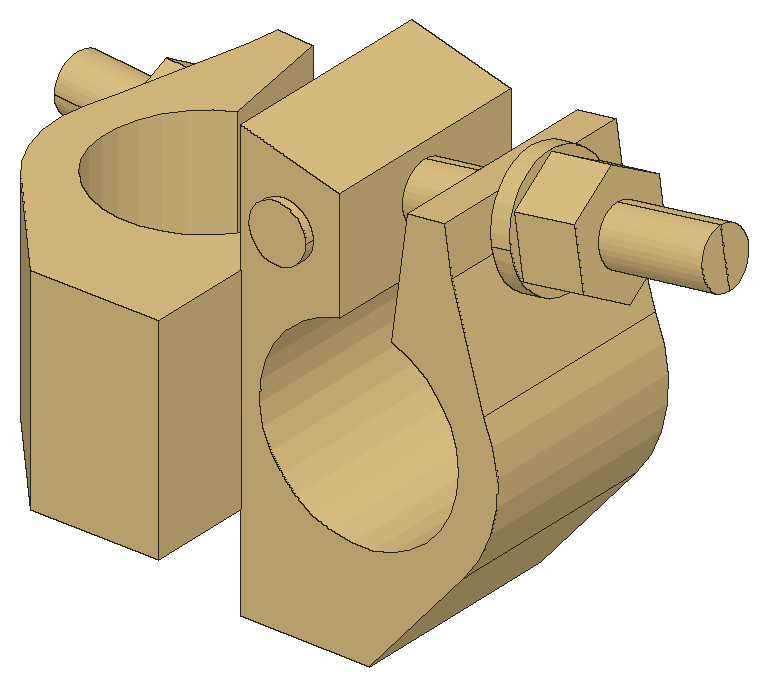
Revit family "RIGHT ANGLE COUPLER 42-42_2012600", category Modelos genéricos, Revit 2018
Family settings
  Puede alojar armadura = No
  Cota de conector redondo = Diámetro de uso
  Tipo de pieza = Normal
  Número OmniClass = 35.51.14.00
  Título OmniClass = FORMWORK
  Se basa en plano de trabajo = Sí
  Siempre vertical = No
  Corte con vacíos al cargar = No
  Compartido = Sí
  Punto de cálculo de habitación = No
Parameters
  VERSION = "20170217"  # constant formula
  URL = "www.ulmaconstruction.com/en"
  UNICLASS = ""
  Fabricante = "ULMA CONSTRUCTION"  # constant formula
  ITEM_CODE = "2012600"
  FILTER [instance] = ""
  Default Elevation = 0.000 mm
  CLASSIFICATION_TITLE = ""
  CLASSIFICATION_NUMBER = ""
Reference planes
  plane 1 "Centro (Frontal/Posterior)": y = 0
  plane 2: z = 0
  plane 3 "Centro (Izquierda/Derecha)": x = 0
  plane 4 "CENTER": x = 50
Forms (mm)
  Extrusion 1, solid, material "ULMA BICHROMATE", detail levels fine
    sketch origin (0, 0, 0) x (1, 0, 0) y (0, 1, 0)
      loop
        line (-8.65, 19.136) -> (-12.829, 44.109) -> (-20.751, 44.836) -> (-21.535, 38.453) -> (-27.854, 11.072)
        arc (-27.854, 11.072) -> (-29.854, -5.625) -> (-22.556, -20.776) r 30
        line (-22.556, -20.776) -> (-1.822, -43.804) -> (25, -43.804) -> (25, 49) -> (4, 43.373) -> (4, 20.616)
        arc (4, 20.616) -> (2.44, -20.858) -> (-8.65, 19.136) r 21
    from 22.191 to -22.809
  Extrusion 2, solid, material "ULMA BICHROMATE", detail levels fine
    sketch origin (0, 0, 0) x (1, 0, 0) y (0, 0, 1)
      loop
        line (46, 20.616) -> (46, 44.177) -> (25, 49.804) -> (25, -43) -> (52.242, -43) -> (72.146, -19.279)
        arc (72.146, -19.279) -> (78.911, -3.883) -> (76.329, 12.735) r 30
        line (76.329, 12.735) -> (69.453, 36.241) -> (68.136, 46.24) -> (60.161, 45.227) -> (56.821, 19.861)
        arc (56.821, 19.861) -> (48.54, -20.949) -> (46, 20.616) r 21
    from -22.809 to 22.191
  Extrusion 3, solid, material "ULMA BICHROMATE", detail levels fine
    sketch origin (0, 0, 0) x (1, 0, 0) y (0, 0, 1)
      loop
        circle (34.208, 33.241) r 6
    from -24 to 24
  Revolve 4, solid, material "ULMA BICHROMATE", detail levels fine
    sketch origin (10.488, 0, -8.141) x (0.961262, 0, 0.275637) y (-0.275637, 0, 0.961262)
      loop
        line (109.558, 23.321) -> (110.341, 29.269) -> (82.834, 32.891) -> (58.951, 36.035) -> (45.288, 37.834) -> (34.991, 39.189) -> (34.208, 33.241) -> (109.558, 23.321)
      axis (34.208, 33.241) -> (109.558, 23.321)
    angle from 0 to 360
  Extrusion 5, solid, material "ULMA BICHROMATE", detail levels fine
    sketch origin (0, 0, 0) x (1, 0, 0) y (0, 1, 0)
      loop
        circle (15.792, 33.415) r 6
    from -24 to 24
  Revolve 6, solid, material "ULMA BICHROMATE", detail levels fine
    sketch origin (-8.415, 5.487, 0) x (0.96306, -0.269287, 0) y (0.269287, 0.96306, 0)
      loop
        line (-60.156, 26.789) -> (-59.165, 20.871) -> (15.792, 33.415) -> (14.802, 39.332) -> (-60.156, 26.789)
      axis (15.792, 33.415) -> (-59.165, 20.871)
    angle from 0 to 360
  Extrusion 7, solid, material "ULMA BICHROMATE", detail levels fine
    sketch origin (-37.71, 8.629, 0) x (-0.106644, -0.994297, 0) y (0, 0, 1)
      loop
        line (-19.35, 6.351) -> (-30.35, 12.702) -> (-41.35, 6.351) -> (-41.35, -6.351) -> (-30.35, -12.702) -> (-19.35, -6.351) -> (-19.35, 6.351)
    from 5.272 to -7.272
  Extrusion 8, solid, material "ULMA BICHROMATE", detail levels fine
    sketch origin (-37.71, 8.629, 0) x (-0.106644, -0.994297, 0) y (0, 0, 1)
      loop
        circle (-30.35, 0) r 13
    from -11.272 to -7.272
  Extrusion 9, solid, material "ULMA BICHROMATE", detail levels fine
    sketch origin (114.904, 0, 7.464) x (-0.147809, 0, 0.989016) y (0, -1, 0)
      loop
        line (31.07, 11) -> (24.72, 0) -> (31.07, -11) -> (43.772, -11) -> (50.123, 0) -> (43.772, 11) -> (31.07, 11)
    from -35.197 to -22.197
  Extrusion 10, solid, material "ULMA BICHROMATE", detail levels fine
    sketch origin (114.904, 0, 7.464) x (-0.147809, 0, 0.989016) y (0, -1, 0)
      loop
        circle (37.421, 0) r 13
    from -39.197 to -35.197
  Revolve 11, solid, material "ULMA BICHROMATE", detail levels coarse+medium
    sketch origin (0, 0, 0) x (1, 0, 0) y (0, 1, 0)
      loop
        line (0, 25) -> (0, -25)
        arc (0, -25) -> (25, 0) -> (0, 25) r 25
      axis (0, 25) -> (0, -25)
    angle from 0 to 360
  Revolve 12, solid, material "ULMA BICHROMATE", detail levels coarse+medium
    sketch origin (0, 0, 0) x (1, 0, 0) y (0, 0, 1)
      loop
        line (50, -25) -> (50, 25)
        arc (50, 25) -> (25, 0) -> (50, -25) r 25
      axis (50, -25) -> (50, 25)
    angle from 0 to 360
Dimensions and locks
  locked: plane 3 "Centro (Izquierda/Derecha)" to plane 4 "CENTER" at 50
  aligned and locked: level to plane 2
